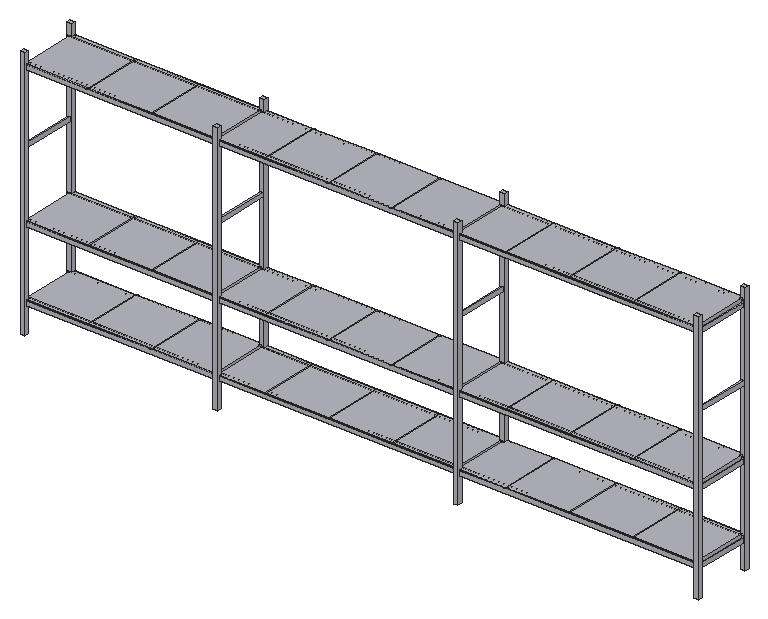
Revit family "QF_BOURGEAT_Rayonnage modulaire étagère de base - Polypropylène", category Equipement spécialisé, Revit 2015
Parameters
  demi profondeur [instance] = Profondeur / 2  # 212.5 mm
  URL catalogue = "http://www.bourgeat.fr"
  URL = ""
  Type article = ""
  Spécification du Fabricant = "Etagères de Base clayette polypropylène"
  Profondeur hors tout = Profondeur  # 425 mm
  Longueur longeron 3 = if(LP3 = 1, 800 mm, if(LP3 = 2, 905 mm, if(LP3 = 3, 1015 mm, if(LP3 = 4, 1125 mm, if(LP3 = 5, 1230 mm, if(LP3 = 6, 1340 mm, if(LP3 = 7, 1450 mm, if(LP3 = 8, 1560 mm, if(LP3 = 9, 1665 mm, 800 mm)))))))))  # 1665 mm
  Longueur longeron 2 = if(LP2 = 1, 800 mm, if(LP2 = 2, 905 mm, if(LP2 = 3, 1015 mm, if(LP2 = 4, 1125 mm, if(LP2 = 5, 1230 mm, if(LP2 = 6, 1340 mm, if(LP2 = 7, 1450 mm, if(LP2 = 8, 1560 mm, if(LP2 = 9, 1665 mm, 800 mm)))))))))  # 1665 mm
  Longueur longeron 1 = if(LP1 = 1, 800 mm, if(LP1 = 2, 905 mm, if(LP1 = 3, 1015 mm, if(LP1 = 4, 1125 mm, if(LP1 = 5, 1230 mm, if(LP1 = 6, 1340 mm, if(LP1 = 7, 1450 mm, if(LP1 = 8, 1560 mm, if(LP1 = 9, 1665 mm, 800 mm)))))))))  # 1340 mm
  Longueur hors tout = Longueur  # 4630 mm
  Longueur entraxe 3 = if(LP3 = 1, 773 mm, if(LP3 = 2, 878 mm, if(LP3 = 3, 988 mm, if(LP3 = 4, 1093 mm, if(LP3 = 5, 1203 mm, if(LP3 = 6, 1313 mm, if(LP3 = 7, 1418 mm, if(LP3 = 8, 1528 mm, if(LP3 = 9, 1638 mm, 773 mm)))))))))  # 1638 mm
  Longueur entraxe 2 = if(LP2 = 1, 773 mm, if(LP2 = 2, 878 mm, if(LP2 = 3, 988 mm, if(LP2 = 4, 1093 mm, if(LP2 = 5, 1203 mm, if(LP2 = 6, 1313 mm, if(LP2 = 7, 1418 mm, if(LP2 = 8, 1528 mm, if(LP2 = 9, 1638 mm, 773 mm)))))))))  # 1638 mm
  Longueur entraxe 1 = if(LP1 = 1, 773 mm, if(LP1 = 2, 878 mm, if(LP1 = 3, 988 mm, if(LP1 = 4, 1093 mm, if(LP1 = 5, 1203 mm, if(LP1 = 6, 1313 mm, if(LP1 = 7, 1418 mm, if(LP1 = 8, 1528 mm, if(LP1 = 9, 1638 mm, 773 mm)))))))))  # 1313 mm
  Plateau 4 niveau [instance] = 5
  Plateau 3 niveau [instance] = 7
  Plateau 3 = Longueur > 3321 mm  # yes
  Plateau 2 niveau [instance] = 3
  Plateau 2 = Longueur > 1671 mm  # yes
  Plateau 1 niveau [instance] = 1
  Pl4N [instance] = if(Plateau 4 niveau < 1, 1, if(Plateau 4 niveau > 7, 7, Plateau 4 niveau))  # 5
  Pl3N [instance] = if(Plateau 3 niveau < 1, 1, if(Plateau 3 niveau > 7, 7, Plateau 3 niveau))  # 7
  Pl2N [instance] = if(Plateau 2 niveau < 1, 1, if(Plateau 2 niveau > 7, 7, Plateau 2 niveau))  # 3
  Pl1N [instance] = if(Plateau 1 niveau < 1, 1, if(Plateau 1 niveau > 7, 7, Plateau 1 niveau))  # 1
  Model = ""
  Longueur Plateau 3 = if(LP3 = 1, 758 mm, if(LP3 = 2, 866 mm, if(LP3 = 3, 975 mm, if(LP3 = 4, 1083 mm, if(LP3 = 5, 1191 mm, if(LP3 = 6, 1299 mm, if(LP3 = 7, 1408 mm, if(LP3 = 8, 1516 mm, if(LP3 = 9, 1624 mm, 758 mm)))))))))  # 1624 mm
  Longueur Plateau 2 = if(LP2 = 1, 758 mm, if(LP2 = 2, 866 mm, if(LP2 = 3, 975 mm, if(LP2 = 4, 1083 mm, if(LP2 = 5, 1191 mm, if(LP2 = 6, 1299 mm, if(LP2 = 7, 1408 mm, if(LP2 = 8, 1516 mm, if(LP2 = 9, 1624 mm, 758 mm)))))))))  # 1624 mm
  Longueur Plateau 1 = if(LP1 = 1, 758 mm, if(LP1 = 2, 866 mm, if(LP1 = 3, 975 mm, if(LP1 = 4, 1083 mm, if(LP1 = 5, 1191 mm, if(LP1 = 6, 1299 mm, if(LP1 = 7, 1408 mm, if(LP1 = 8, 1516 mm, if(LP1 = 9, 1624 mm, 758 mm)))))))))  # 1299 mm
  Longueur = 4630 mm
  Profondeur = 425 mm
  Longeron = Acier inoxydable
  LP3 = 9
  LP2 = 9
  LP1 = 6
  Jeu = Longueur - (Longueur entraxe 1 + if(LP2 = 0, 0 mm, Longueur entraxe 2) + if(LP3 = 0, 0 mm, Longueur entraxe 3)) - 32 mm  # 9 mm
  HtPl4 [instance] = if(Pl4N * 240 mm - 23 mm < 0 mm, 0 mm, Pl4N * 240 mm - 23 mm)  # 1177 mm
  HtPl3 [instance] = if(Pl3N * 240 mm - 23 mm < 0 mm, 0 mm, Pl3N * 240 mm - 23 mm)  # 1657 mm
  HtPl2 [instance] = if(Pl2N * 240 mm - 23 mm < 0 mm, 0 mm, Pl2N * 240 mm - 23 mm)  # 697 mm
  HtPl1 [instance] = if(Pl1N * 240 mm - 23 mm < 0 mm, 0 mm, Pl1N * 240 mm - 23 mm)  # 217 mm
  Hauteur hors tout = 1730 mm
  Fabricant = "BOURGEAT"
  Description = ""
  Contact SAV = "0033(4).76.32.14.44"
  Type Comments = ""
  Clayette = Acier inoxydable
  Certification = ""
  CentPl3 = if(LP3 = 0, 773 mm / 2, (Longueur - Calagepl3 - 32 mm) / 2)  # 820.5 mm
  CentPl2 = if(LP2 = 0, 773 mm / 2, if(LP3 = 0, (Longueur - Calagepl2 - 32 mm) / 2, (Calagepl3 - Calagepl2) / 2))  # 820.5 mm
  CentPl1 = if(LP2 = 0, (Longueur - 32 mm) / 2, Calagepl2 / 2)  # 658 mm
  Calagepl3 = if(Longueur < 3420 mm, 0 mm, Calagepl2 + if(Jeu < 0 mm, 0 mm, if(LP2 = 0, Jeu, if(LP3 = 0, Jeu / 2, Jeu / 3))) + Longueur entraxe 2)  # 2957 mm
  Calagepl2 = if(LP2 = 0, Jeu, if(LP3 = 0, Jeu / 2, Jeu / 3) + Longueur entraxe 1)  # 1316 mm
  4 niveaux plateau 3 = and([4 niveaux], Plateau 3)  # no
  4 niveaux Plateau 2 = and([4 niveaux], Plateau 2)  # no
  4 niveaux = no
Reference planes
  plane 1 "Centre (avant/arrière)": y = 0
  plane 2: z = 0
  plane 3 "Centre (gauche/droite)": x = 0
  plane 4 "Gauche": x = -2315
  plane 5: x = 2315
  plane 6: y = 212.5
  plane 7: y = -212.5
  plane 8: x = -983
  plane 9: x = 658
  plane 10: z = 217
  plane 11: z = 697
  plane 12: z = 1657
  plane 13: z = 1177
  plane 14: x = -2299
  plane 15 "Droite": x = 2299
  plane 16: x = -1641
  plane 17: x = -162.5
  plane 18: x = 1478.5
Dimensions and locks
  equal spacing: plane 6, plane 1 "Centre (avant/arrière)", plane 7
  "Profondeur": plane 6 to plane 7
  "Longueur": plane 4 "Gauche" to plane 5
  "HtPl1": plane 10 to plane 2
  "HtPl2": plane 11 to plane 2
  "HtPl3": plane 12 to plane 2
  "HtPl4": plane 13 to plane 2
  equal spacing: plane 4 "Gauche", plane 3 "Centre (gauche/droite)", plane 5
  locked: plane 4 "Gauche" to plane 14 at 16
  locked: plane 15 "Droite" to plane 5 at 16
  "Calagepl2": plane 14 to plane 8
  "Calagepl3": plane 14 to plane 9
  "CentPl1": plane 14 to plane 16
  "CentPl2": plane 8 to plane 17
  "CentPl3": plane 9 to plane 18
  aligned and locked: level to plane 2
  aligned and locked: plane 14 to nested 1
  aligned and locked: plane 8 to nested 2
  aligned and locked: plane 9 to nested 3
  aligned and locked: plane 15 "Droite" to nested 4
  aligned and locked: nested 1 to plane 1 "Centre (avant/arrière)"
  aligned and locked: plane 1 "Centre (avant/arrière)" to nested 2
  aligned and locked: plane 1 "Centre (avant/arrière)" to nested 3
  aligned and locked: plane 1 "Centre (avant/arrière)" to nested 4
  aligned and locked: plane 10 to nested 5
  aligned and locked: plane 10 to nested 6
  aligned and locked: plane 10 to nested 7
  aligned and locked: plane 11 to nested 8
  aligned and locked: plane 11 to nested 9
  aligned and locked: plane 11 to nested 10
  aligned and locked: plane 13 to nested 11
  aligned and locked: plane 13 to nested 12
  aligned and locked: plane 13 to nested 13
  aligned and locked: plane 12 to nested 14
  aligned and locked: plane 12 to nested 15
  aligned and locked: plane 12 to nested 16
  aligned and locked: plane 16 to nested 5
  aligned and locked: plane 16 to nested 8
  aligned and locked: plane 16 to nested 11
  aligned and locked: plane 16 to nested 14
  aligned and locked: plane 17 to nested 6
  aligned and locked: plane 17 to nested 9
  aligned and locked: plane 17 to nested 12
  aligned and locked: plane 17 to nested 15
  aligned and locked: plane 18 to nested 7
  aligned and locked: plane 18 to nested 10
  aligned and locked: plane 18 to nested 13
  aligned and locked: plane 18 to nested 16
  aligned and locked: nested 5 to plane 1 "Centre (avant/arrière)"
  aligned and locked: plane 1 "Centre (avant/arrière)" to nested 6
  aligned and locked: plane 1 "Centre (avant/arrière)" to nested 7
  aligned and locked: nested 8 to plane 1 "Centre (avant/arrière)"
  aligned and locked: plane 1 "Centre (avant/arrière)" to nested 9
  aligned and locked: plane 1 "Centre (avant/arrière)" to nested 10
  aligned and locked: nested 11 to plane 1 "Centre (avant/arrière)"
  aligned and locked: plane 1 "Centre (avant/arrière)" to nested 12
  aligned and locked: plane 1 "Centre (avant/arrière)" to nested 13
  aligned and locked: nested 14 to plane 1 "Centre (avant/arrière)"
  aligned and locked: plane 1 "Centre (avant/arrière)" to nested 15
  aligned and locked: plane 1 "Centre (avant/arrière)" to nested 16
Nested families
  nested 1: "Portique" at (-2315, 0, 0), type "Portique"
    with Largeur 425 mm
  nested 2: "Portique" at (-999, 0, 0), visible <- "Plateau 2", type "Portique"
    with Largeur 425 mm
  nested 3: "Portique" at (642, 0, 0), visible <- "Plateau 3", type "Portique"
    with Largeur 425 mm
  nested 4: "Portique" at (2283, 0, 0), type "Portique"
    with Largeur 425 mm
  nested 5: "Plateau" at (-1641, 0, 217), Largeur <- "Profondeur", Longueur <- "Longueur Plateau 1", Longueur Longeron <- "Longueur longeron 1", type "Plateau polypropylène"
    with Longueur4 433 mm, Longueur3 1299 mm, Longueur2 866 mm, Longueur1 433 mm, Longueur Longeron 1340 mm, Longueur 1299 mm, Largeur 425 mm, Clayette4 no, Clayette3 yes, Clayette 4 433 mm, Clayette 3 433 mm, Clayette 2 433 mm, Clayette 1 433 mm
  nested 6: "Plateau" at (-162.5, 0, 217), Largeur <- "Profondeur", Longueur <- "Longueur Plateau 2", Longueur Longeron <- "Longueur longeron 2", visible <- "Plateau 2", type "Plateau polypropylène"
    with Longueur4 1624 mm, Longueur3 1191 mm, Longueur2 758 mm, Longueur1 325 mm, Longueur Longeron 1665 mm, Longueur 1624 mm, Largeur 425 mm, Clayette4 yes, Clayette3 yes, Clayette 4 433 mm, Clayette 3 433 mm, Clayette 2 433 mm, Clayette 1 325 mm
  nested 7: "Plateau" at (1478.5, 0, 217), Largeur <- "Profondeur", Longueur <- "Longueur Plateau 3", Longueur Longeron <- "Longueur longeron 3", visible <- "Plateau 3", type "Plateau polypropylène"
    with Longueur4 1624 mm, Longueur3 1191 mm, Longueur2 758 mm, Longueur1 325 mm, Longueur Longeron 1665 mm, Longueur 1624 mm, Largeur 425 mm, Clayette4 yes, Clayette3 yes, Clayette 4 433 mm, Clayette 3 433 mm, Clayette 2 433 mm, Clayette 1 325 mm
  nested 8: "Plateau" at (-1641, 0, 697), Largeur <- "Profondeur", Longueur <- "Longueur Plateau 1", Longueur Longeron <- "Longueur longeron 1", type "Plateau polypropylène"
    with Longueur4 433 mm, Longueur3 1299 mm, Longueur2 866 mm, Longueur1 433 mm, Longueur Longeron 1340 mm, Longueur 1299 mm, Largeur 425 mm, Clayette4 no, Clayette3 yes, Clayette 4 433 mm, Clayette 3 433 mm, Clayette 2 433 mm, Clayette 1 433 mm
  nested 9: "Plateau" at (-162.5, 0, 697), Largeur <- "Profondeur", Longueur <- "Longueur Plateau 2", Longueur Longeron <- "Longueur longeron 2", visible <- "Plateau 2", type "Plateau polypropylène"
    with Longueur4 1624 mm, Longueur3 1191 mm, Longueur2 758 mm, Longueur1 325 mm, Longueur Longeron 1665 mm, Longueur 1624 mm, Largeur 425 mm, Clayette4 yes, Clayette3 yes, Clayette 4 433 mm, Clayette 3 433 mm, Clayette 2 433 mm, Clayette 1 325 mm
  nested 10: "Plateau" at (1478.5, 0, 697), Largeur <- "Profondeur", Longueur <- "Longueur Plateau 3", Longueur Longeron <- "Longueur longeron 3", visible <- "Plateau 3", type "Plateau polypropylène"
    with Longueur4 1624 mm, Longueur3 1191 mm, Longueur2 758 mm, Longueur1 325 mm, Longueur Longeron 1665 mm, Longueur 1624 mm, Largeur 425 mm, Clayette4 yes, Clayette3 yes, Clayette 4 433 mm, Clayette 3 433 mm, Clayette 2 433 mm, Clayette 1 325 mm
  nested 11: "Plateau" at (-1641, 0, 1177), Largeur <- "Profondeur", Longueur <- "Longueur Plateau 1", Longueur Longeron <- "Longueur longeron 1", visible <- "4 niveaux", type "Plateau polypropylène"
    with Longueur4 433 mm, Longueur3 1299 mm, Longueur2 866 mm, Longueur1 433 mm, Longueur Longeron 1340 mm, Longueur 1299 mm, Largeur 425 mm, Clayette4 no, Clayette3 yes, Clayette 4 433 mm, Clayette 3 433 mm, Clayette 2 433 mm, Clayette 1 433 mm
  nested 12: "Plateau" at (-162.5, 0, 1177), Largeur <- "Profondeur", Longueur <- "Longueur Plateau 2", Longueur Longeron <- "Longueur longeron 2", visible <- "4 niveaux Plateau 2", type "Plateau polypropylène"
    with Longueur4 1624 mm, Longueur3 1191 mm, Longueur2 758 mm, Longueur1 325 mm, Longueur Longeron 1665 mm, Longueur 1624 mm, Largeur 425 mm, Clayette4 yes, Clayette3 yes, Clayette 4 433 mm, Clayette 3 433 mm, Clayette 2 433 mm, Clayette 1 325 mm
  nested 13: "Plateau" at (1478.5, 0, 1177), Largeur <- "Profondeur", Longueur <- "Longueur Plateau 3", Longueur Longeron <- "Longueur longeron 3", visible <- "4 niveaux plateau 3", type "Plateau polypropylène"
    with Longueur4 1624 mm, Longueur3 1191 mm, Longueur2 758 mm, Longueur1 325 mm, Longueur Longeron 1665 mm, Longueur 1624 mm, Largeur 425 mm, Clayette4 yes, Clayette3 yes, Clayette 4 433 mm, Clayette 3 433 mm, Clayette 2 433 mm, Clayette 1 325 mm
  nested 14: "Plateau" at (-1641, 0, 1657), Largeur <- "Profondeur", Longueur <- "Longueur Plateau 1", Longueur Longeron <- "Longueur longeron 1", type "Plateau polypropylène"
    with Longueur4 433 mm, Longueur3 1299 mm, Longueur2 866 mm, Longueur1 433 mm, Longueur Longeron 1340 mm, Longueur 1299 mm, Largeur 425 mm, Clayette4 no, Clayette3 yes, Clayette 4 433 mm, Clayette 3 433 mm, Clayette 2 433 mm, Clayette 1 433 mm
  nested 15: "Plateau" at (-162.5, 0, 1657), Largeur <- "Profondeur", Longueur <- "Longueur Plateau 2", Longueur Longeron <- "Longueur longeron 2", visible <- "Plateau 2", type "Plateau polypropylène"
    with Longueur4 1624 mm, Longueur3 1191 mm, Longueur2 758 mm, Longueur1 325 mm, Longueur Longeron 1665 mm, Longueur 1624 mm, Largeur 425 mm, Clayette4 yes, Clayette3 yes, Clayette 4 433 mm, Clayette 3 433 mm, Clayette 2 433 mm, Clayette 1 325 mm
  nested 16: "Plateau" at (1478.5, 0, 1657), Largeur <- "Profondeur", Longueur <- "Longueur Plateau 3", Longueur Longeron <- "Longueur longeron 3", visible <- "Plateau 3", type "Plateau polypropylène"
    with Longueur4 1624 mm, Longueur3 1191 mm, Longueur2 758 mm, Longueur1 325 mm, Longueur Longeron 1665 mm, Longueur 1624 mm, Largeur 425 mm, Clayette4 yes, Clayette3 yes, Clayette 4 433 mm, Clayette 3 433 mm, Clayette 2 433 mm, Clayette 1 325 mm
Definition of nested family "Portique"
  Parameters (values of type "Portique")
    URL = "http://www.matferbourgeat.com"
    Model = ""
    Largeur = 600 mm
    Manufacturer = "BOURGEAT"
    Description = "Echelle aluminium anodisé 15 microns pour rayonnage modulable"
    Type Comments = "Echelle aluminium anodisé 15 microns"
  Reference planes
    plane 1 "Centre (avant/arrière)": y = 0
    plane 2: z = 0
    plane 3 "Centre (gauche/droite)": x = 0
    plane 4: y = 300
    plane 5: y = -300
    plane 6: z = 1730
    plane 7: x = 32
    plane 8: z = 1129
    plane 9: z = 649
    plane 10: z = 169
    plane 11: z = 1609
    plane 12: y = 272
    plane 13: y = -272
    plane 14: x = 16
  Forms (mm)
    Extrusion 1, solid
      sketch origin (0, 0, 0) x (1, 0, 0) y (0, 1, 0)
        loop
          line (0, 300) -> (0, 272) -> (32, 272) -> (32, 300) -> (0, 300)
        loop
          line (0, -300) -> (32, -300) -> (32, -272) -> (0, -272) -> (0, -300)
      from 0 to 1730
    Extrusion 2, solid
      sketch origin (0, 0, 0) x (1, 0, 0) y (0, 0, 1)
        loop
          line (11, 1609) -> (21, 1609) -> (21, 1639) -> (11, 1639) -> (11, 1609)
        loop
          line (11, 1129) -> (21, 1129) -> (21, 1159) -> (11, 1159) -> (11, 1129)
        loop
          line (11, 649) -> (21, 649) -> (21, 679) -> (11, 679) -> (11, 649)
        loop
          line (11, 169) -> (21, 169) -> (21, 199) -> (11, 199) -> (11, 169)
      from -272 to 272
  Dimensions and locks
    equal spacing: plane 4, plane 1 "Centre (avant/arrière)", plane 5
    "Largeur": plane 4 to plane 5
    locked: plane 6 to level at 1730
    plane 3 "Centre (gauche/droite)" to plane 7 = 32 mm
    plane 6 to plane 10 = 1561 mm
    plane 6 to plane 9 = 1081 mm
    plane 6 to plane 8 = 601 mm
    plane 6 to plane 11 = 121 mm
    plane 4 to plane 12 = 28 mm
    plane 13 to plane 5 = 28 mm
    equal spacing: plane 3 "Centre (gauche/droite)", plane 14, plane 7
    aligned and locked: level to plane 2
    aligned and locked: Extrusion 1 sketch curve to plane 7
    aligned and locked: plane 3 "Centre (gauche/droite)" to Extrusion 1 sketch curve
    aligned and locked: Extrusion 1 sketch curve to plane 4
    aligned and locked: Extrusion 1 sketch curve to plane 5
    aligned and locked: Extrusion 1 sketch curve to plane 3 "Centre (gauche/droite)"
    aligned and locked: plane 7 to Extrusion 1 sketch curve
    aligned and locked: Extrusion 1 to level
    aligned and locked: plane 6 to Extrusion 1
    aligned and locked: plane 11 to Extrusion 2 sketch curve
    aligned and locked: plane 12 to Extrusion 1 sketch curve
    aligned and locked: plane 13 to Extrusion 1 sketch curve
    aligned and locked: plane 12 to Extrusion 2
    aligned and locked: Extrusion 2 to plane 13
  Automatic sketch dimensions
    Extrusion 2 sketch curve to plane 10 = 0 mm
    Extrusion 2 sketch curve to plane 8 = 0 mm
    Extrusion 2 sketch curve to plane 9 = 0 mm
    plane 3 "Centre (gauche/droite)" to Extrusion 2 sketch curve = 11 mm  (x4)
    Extrusion 2 sketch curve to Extrusion 2 sketch curve = 10 mm  (x4)
    plane 10 to Extrusion 2 sketch curve = 30 mm
    Extrusion 2 sketch curve to Extrusion 2 sketch curve = 30 mm  (x3)
Definition of nested family "Plateau"
  Parameters (values of type "Plateau polypropylène")
    URL = "http://ww.matferbourgeat.com"
    Model = ""
    Longueur4 [instance] = if(Longueur < 1408 mm, 433 mm, Longueur3 + Clayette 4)  # 1624 mm
    Longueur3 [instance] = if(Longueur < 975 mm, 433 mm, Longueur2 + Clayette 3)  # 1191 mm
    Longueur2 [instance] = Longueur1 + Clayette 2  # 758 mm
    Longueur1 [instance] = Clayette 1  # 325 mm
    Longueur Longeron [instance] = 1125 mm
    Longueur [instance] = 1500 mm
    Longeron = none
    Largeur [instance] = 600 mm
    Manufacturer = "BOURGEAT"
    Description = "Niveau complet : Clayettes polypropylène +longerons"
    Type Comments = "Niveau complet pour étagère"
    Clayette4 [instance] = Longueur > 1407 mm  # yes
    Clayette3 [instance] = Longueur > 974 mm  # yes
    Clayette 4 [instance] = 433 mm  # constant formula
    Clayette 3 [instance] = if(or(Longueur = 975 mm, Longueur = 1408 mm), 325 mm, 433 mm)  # 433 mm
    Clayette 2 [instance] = if(or(Longueur = 975 mm, Longueur = 1083 mm, Longueur = 1408 mm, Longueur = 1516 mm), 325 mm, 433 mm)  # 433 mm
    Clayette 1 [instance] = if(or(Longueur = 866 mm, Longueur = 1299 mm), 433 mm, 325 mm)  # 325 mm
    Clayette = none
  Reference planes
    plane 1 "Centre (avant/arrière)": y = 0
    plane 2: z = 0
    plane 3 "Centre (gauche/droite)": x = 0
    plane 4: x = -425
    plane 5: x = 8
    plane 6: x = 441
    plane 7: y = 300
    plane 8: y = -300
    plane 9: x = -750
    plane 10: x = 874
    plane 11: x = 750
    plane 12: y = 265
    plane 13: y = -265
  Dimensions and locks
    equal spacing: plane 7, plane 1 "Centre (avant/arrière)", plane 8
    "Largeur": plane 7 to plane 8
    equal spacing: plane 9, plane 3 "Centre (gauche/droite)", plane 11
    "Longueur": plane 9 to plane 11
    "Longueur1": plane 9 to plane 4
    "Longueur2": plane 9 to plane 5
    "Longueur3": plane 9 to plane 6
    "Longueur4": plane 9 to plane 10
    locked: plane 7 to plane 12 at 35
    locked: plane 13 to plane 8 at 35
    aligned and locked: level to plane 2
    aligned and locked: plane 2 to nested 1
    aligned and locked: plane 2 to nested 2
    aligned and locked: plane 2 to nested 3
    aligned and locked: plane 2 to nested 4
    aligned and locked: plane 4 to nested 1
    aligned and locked: plane 5 to nested 2
    aligned and locked: plane 6 to nested 3
    aligned and locked: plane 10 to nested 4
    aligned and locked: plane 1 "Centre (avant/arrière)" to nested 1
    aligned and locked: plane 1 "Centre (avant/arrière)" to nested 2
    aligned and locked: plane 1 "Centre (avant/arrière)" to nested 3
    aligned and locked: plane 1 "Centre (avant/arrière)" to nested 4
    aligned and locked: nested 6 to plane 13
    aligned and locked: nested 5 to plane 12
    aligned and locked: plane 3 "Centre (gauche/droite)" to nested 5
    aligned and locked: nested 6 to plane 3 "Centre (gauche/droite)"
    aligned and locked: nested 6 to nested 4
    aligned and locked: nested 5 to nested 4
  Nested families
    nested 1: "Clayette" at (-587.5, 0, -36), Largeur <- "Largeur", Longueur <- "Clayette 1", type "Clayette polypropylène"
      with Longueur 325 mm, Largeur clayette 530 mm, Largeur 600 mm
    nested 2: "Clayette" at (-208.5, 0, -36), Largeur <- "Largeur", Longueur <- "Clayette 2", type "Clayette polypropylène"
      with Longueur 433 mm, Largeur clayette 530 mm, Largeur 600 mm
    nested 3: "Clayette" at (224.5, 0, -36), Largeur <- "Largeur", Longueur <- "Clayette 3", visible <- "Clayette3", type "Clayette polypropylène"
      with Longueur 433 mm, Largeur clayette 530 mm, Largeur 600 mm
    nested 4: "Clayette" at (657.5, 0, -36), Largeur <- "Largeur", Longueur <- "Clayette 4", visible <- "Clayette4", type "Clayette polypropylène"
      with Longueur 433 mm, Largeur clayette 530 mm, Largeur 600 mm
    nested 5: "Longeron" at (0, 290, -2), Longueur <- "Longueur Longeron", type "Longeron"
      with Longueur 1125 mm
    nested 6: "Longeron" at (0, -290, -2), Longueur <- "Longueur Longeron", type "Longeron"
      with Longueur 1125 mm
  Definition of nested family "Clayette"
    Parameters (values of type "Clayette polypropylène")
      URL = "http://www.matferbourgeat.com"
      Model = ""
      Longueur [instance] = 325 mm
      Largeur clayette [instance] = Largeur - 70 mm  # 530 mm
      Largeur [instance] = 600 mm
      Manufacturer = "BOURGEAT"
      Epaisseur = 36 mm
      Description = "Clayette polypropylène"
      Type Comments = "Clayette pour étagères"
      Clayette = none
    Reference planes
      plane 1 "Centre (avant/arrière)": y = 0
      plane 2: z = 0
      plane 3 "Centre (gauche/droite)": x = 0
      plane 4: x = -162.5
      plane 5: x = 162.5
      plane 6: y = 265
      plane 7: y = -265
      plane 8: z = 36
      plane 9: y = -290
      plane 10: y = 290
      plane 11: y = -165
      plane 12: y = 165
      plane 13: x = -155
      plane 14: x = 130
    Forms (mm)
      Extrusion 1, solid, material <- "Clayette"
        sketch origin (0, 0, 0) x (0, 1, 0) y (0, 0, 1)
          loop
            line (-292, 36) -> (-292, 32) -> (-290, 32) -> (-290, 34) -> (-265, 34) -> (-265, 19) -> (-263, 19) -> (-255, 19)
            arc (-255, 19) -> (-209.008, 14.198) -> (-165, 0) r 222.658
            line (-165, 0) -> (177.487, 0)
            arc (177.487, 0) -> (215.259, 10.207) -> (254.235, 13.645) r 222.658
            line (254.235, 13.645) -> (263, 13.645) -> (265, 13.645) -> (265, 34) -> (290, 34) -> (290, 32) -> (292, 32) -> (292, 36) -> (-292, 36)
        from -162.5 to 162.5
    Dimensions and locks
      equal spacing: plane 6, plane 1 "Centre (avant/arrière)", plane 7
      "Largeur clayette": plane 6 to plane 7
      equal spacing: plane 4, plane 3 "Centre (gauche/droite)", plane 5
      "Longueur": plane 4 to plane 5
      "Epaisseur": plane 8 to level
      locked: plane 9 to plane 7 at 25
      locked: plane 6 to plane 10 at 25
      locked: plane 7 to plane 11 at 100
      locked: plane 12 to plane 6 at 100
      locked: plane 13 to plane 4 at 7.5
      plane 5 to plane 14 = 32.5 mm
      aligned and locked: level to plane 2
      aligned and locked: plane 5 to Extrusion 1
      aligned and locked: Extrusion 1 to plane 4
    Automatic sketch dimensions
      Extrusion 1 sketch curve to plane 9 = 0 mm
      Extrusion 1 sketch curve to plane 7 = 0 mm
      Extrusion 1 sketch curve to level = 0 mm
      Extrusion 1 sketch curve to plane 6 = 0 mm
      Extrusion 1 sketch curve to plane 10 = 0 mm
      Extrusion 1 sketch curve to plane 9 = 2 mm
      plane 10 to Extrusion 1 sketch curve = 2 mm
      Extrusion 1 sketch curve to Extrusion 1 sketch curve = 76.748 mm
      Extrusion 1 sketch curve to level = 203.658 mm
      Extrusion 1 sketch curve to plane 8 = 22.355 mm
      Extrusion 1 sketch curve to plane 8 = 4 mm  (x2)
      Extrusion 1 sketch curve to Extrusion 1 sketch curve = 2 mm  (x2)
      Extrusion 1 sketch curve to plane 11 = 0 mm
      plane 7 to Extrusion 1 sketch curve = 2 mm
      Extrusion 1 sketch curve to Extrusion 1 sketch curve = 8 mm
      plane 12 to Extrusion 1 sketch curve = 12.487 mm
      Extrusion 1 sketch curve to plane 6 = 2 mm
      Extrusion 1 sketch curve to plane 8 = 0 mm
  Definition of nested family "Longeron"
    Parameters (values of type "Longeron")
      URL = "http://www.matferbourgeat.com"
      Model = ""  # constant formula
      Matériaux = none
      Longueur [instance] = 1125 mm
      Manufacturer = "BOURGEAT"
      Description = "Longeron aluminium anodisé 15 microns-section 25x36mm"
      Type Comments = "Longeron pour clayette"
    Reference planes
      plane 1 "Avant": y = 0
      plane 2: z = 0
      plane 3 "Centre (gauche/droite)": x = 0
      plane 4: x = -562.5
      plane 5: x = 562.5
      plane 6: y = -25
      plane 7: z = -36
      plane 8: x = -530.5
      plane 9: x = 530.5
    Forms (mm)
      Extrusion 1, solid, material <- "Matériaux"
        sketch origin (0, 0, 0) x (1, 0, 0) y (0, 1, 0)
          loop
            line (-562.5, 0) -> (-562.5, -25) -> (562.5, -25) -> (562.5, 0) -> (-562.5, 0)
        from 0 to -36
      Extrusion 2, void
        sketch origin (0, 0, 0) x (1, 0, 0) y (0, 1, 0)
          loop
            line (-562.5, 0) -> (-562.5, -18) -> (-530.5, -18) -> (-530.5, 0) -> (-562.5, 0)
          loop
            line (562.5, 0) -> (530.5, 0) -> (530.5, -18) -> (562.5, -18) -> (562.5, 0)
        from -36 to 0
      Extrusion 3, void
        sketch origin (0, 0, 0) x (1, 0, 0) y (0, 0, 1)
          loop
            line (-551.5, -13.5) -> (-551.5, -36) -> (-541.5, -36) -> (-541.5, -13.5)
            arc (-541.5, -13.5) -> (-546.5, -8.5) -> (-551.5, -13.5) r 5
          loop
            line (541.5, -13.5) -> (541.5, -36) -> (551.5, -36) -> (551.5, -13.5)
            arc (551.5, -13.5) -> (546.5, -8.5) -> (541.5, -13.5) r 5
        from 0 to 25
    Cuts and joins
      Extrusion 2, Extrusion 3 cuts Extrusion 1
    Dimensions and locks
      equal spacing: plane 4, plane 3 "Centre (gauche/droite)", plane 5
      "Longueur": plane 4 to plane 5
      locked: plane 6 to plane 1 "Avant" at 25
      locked: level to plane 7 at 36
      locked: plane 4 to plane 8 at 32
      locked: plane 9 to plane 5 at 32
      Extrusion 2 sketch curve to Extrusion 2 sketch curve to plane 6 = 18 mm locked, 7 mm locked
      plane 6 to Extrusion 2 sketch curve to Extrusion 2 sketch curve = 7 mm locked, 18 mm locked
      aligned and locked: level to plane 2
      aligned and locked: plane 1 "Avant" to Extrusion 1 sketch curve
      aligned and locked: plane 4 to Extrusion 1 sketch curve
      aligned and locked: plane 6 to Extrusion 1 sketch curve
      aligned and locked: Extrusion 1 sketch curve to plane 5
      aligned and locked: Extrusion 1 to level
      aligned and locked: Extrusion 1 to plane 7
      aligned and locked: Extrusion 2 sketch curve to plane 8
      aligned and locked: plane 1 "Avant" to Extrusion 2 sketch curve
      aligned and locked: plane 4 to Extrusion 2 sketch curve
      aligned and locked: Extrusion 2 to Extrusion 1
      aligned and locked: level to Extrusion 2
      aligned and locked: cut or joined group of Extrusion 1, Extrusion 2, Extrusion 3 to Extrusion 2 sketch curve
      aligned and locked: Extrusion 2 sketch curve to plane 9
      aligned and locked: Extrusion 3 to plane 6
      aligned and locked: Extrusion 3 to plane 1 "Avant"
    Automatic sketch dimensions
      Extrusion 3 sketch curve to plane 7 = 0 mm  (x2)
      plane 4 to Extrusion 3 sketch curve = 11 mm
      Extrusion 3 sketch curve to Extrusion 3 sketch curve = 5 mm  (x2)
      plane 9 to Extrusion 3 sketch curve = 11 mm
      Extrusion 3 sketch curve to level = 13.5 mm  (x2)
